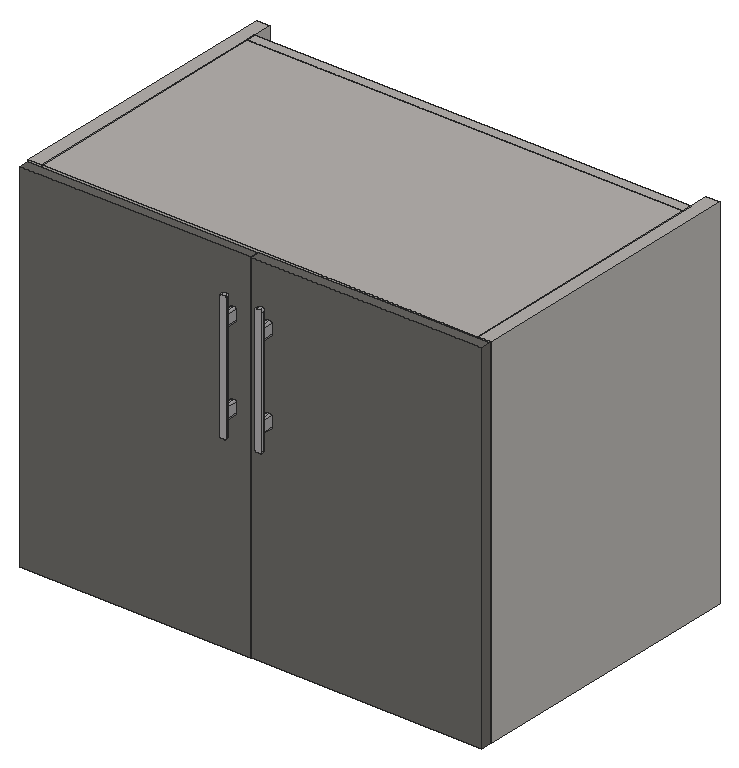
Revit family "Storage-Teknion-CWRM_Teknion_Reception_Modules-R2016", category Furniture, Revit 2018
Family settings
  OmniClass Number = 23.40.20.00
  OmniClass Title = General Furniture and Specialties
  Work Plane-Based = No
  Always vertical = Yes
  Cut with Voids When Loaded = No
  Shared = Yes
  Room Calculation Point = No
Parameters (values of type "Closed Cabinet")
  Width [instance] = 36.000"
  Warranty = "http://www.teknion.com/ca/papers/legal-canada"
  Vertical Dividing Line Hole Depth [instance] = if(Closed Cabinet, 25.930", 0.500")  # 25.930"
  Unit Weight URL = "http://www.teknion.com/ca/tools/assets#&asset=bee6a381-b954-425e-8283-5a2de3a804f2,f828d448-4b62-4231-9e5f-9a8991c0ed77"
  URL = "www.teknion.com"
  Top Drawer Dividing Line Hole Depth = if(Pedestal BBF, 2.593", 0.500")  # 0.500"
  To render, please download texture images found here [instance] = "https://assets.teknion.com/web/5e81352c1dfdb467/revit-material-swatches/"
  Sustainability Data = "https://www.teknion.com/ca/tools/assets#&topic=216f99a5-57a0-44fc-b10a-9dee9b29ae4c&asset=444deb64-fe58-4b68-981e-f75e97781df7,b4ff2d81-9f2e-437d-9659-7cffb09c31cf"
  Series = "Custom Wood"  # constant formula
  Pull Finish [instance] = Paint - Teknion - Mica - Titanium Grey
  Product Page URL = "https://www.teknion.com/ca/products/product-details?productLineId=0d82026f-8e7a-673b-a6c8-ff05004460c4"
  Product Line = "Teknion Reception"  # constant formula
  Product Documentation Link = "https://assets.teknion.com/m/148e0412a085a50e/original/Teknion-Reception-Sell-Sheet.pdf"
  Pedestal BBF = no
  Part Number = "CWRM"  # constant formula
  Open = no
  Not Open = not(Open)  # yes
  Model = "CWRM_C__"
  Manufacturer Phone = "416-661-3370"  # constant formula
  Manufacturer Fax = "416.661.4586"  # constant formula
  Manufacturer Contact Information = "http://www.teknion.com/ca/contactus"
  Manufacturer Address = "1150 Flint Road, Toronto, ON. M3J 2J5. Canada"  # constant formula
  Manufacturer = "Teknion"  # constant formula
  How To Use Teknion Materials User Guide [instance] = "https://assets.teknion.com/m/205dd0a49fa58060/original/How-to-add-a-Material-Library-and-Texture-Images-to-your-Revit-project.pdf"
  Horizontal Handles = or([Box/File], [File/File], Pedestal BBF)  # no
  Horizontal = not(or(Closed Cabinet, Open))  # no
  Height [instance] = 29.000"
  Front Finish [instance] = Wood - Teknion - DZ - Truffle
  For Additional Finishes, please visit [instance] = "https://assets.teknion.com/m/44a8009b046e5d47/original/Teknion_Materials_Library.zip"
  File/File = no
  Description = "Custom Wood Teknion Reception, Storage Modules, Closed Cabinet Configuration"
  Depth [instance] = 24.000"
  Closed Cabinet = yes
  Box/File = no
  Bottom Drawer Height Offset = if([Box/File], 15.642", 13.902")  # 13.902"
  Bottom Drawer Divider Line Hole Depth = if(not(or(Open, Closed Cabinet)), 2.593", 0.500")  # 0.500"
  Base Finish [instance] = Veneer-Teknion-5S-Flintwood-Silverwash
  Available Widths [instance] = if(not(Closed Cabinet), "18 to 36 inches in 6 inch increments", "24, 30, 36 inches.")  # "24, 30, 36 inches."
  Available Heights [instance] = if(or([File/File], Pedestal BBF), "29 inches.", if([Box/File], "22 inches", "22, 29 inches."))  # "22, 29 inches."
  Available Depths [instance] = "20, 24 inches."  # constant formula
  Assembly Code = "E2020200"
  Actual Height [instance] = if(Height = 22.000", 20.961", 27.961")  # 27.961"
  Actual Depth [instance] = if(Depth = 24.000", 23.000", 19.000")  # 23.000"
Types (6): name | Vertical Dividing Line Hole Depth | Top Drawer Dividing Line Hole Depth | Pedestal BBF | Open | Not Open | Model | Horizontal Handles | Horizontal | Height | File/File | Description | Closed Cabinet | Box/File | Bottom Drawer Height Offset | Bottom Drawer Divider Line Hole Depth | Available Widths | Available Heights | Actual Height
  (no name) | 25.930" | 0.500" | no | no | yes | "CWRM_C__" | no | no | 29.000" | no | "Custom Wood Teknion Reception, Storage Modules, Closed Cabinet Configuration" | yes | no | 13.902" | 0.500" | "24, 30, 36 inches." | "22, 29 inches." | 27.961"
  Box/File | 0.500" | 0.500" | no | no | yes | "CWRM22B__" | yes | yes | 22.000" | no | "Custom Wood Teknion Reception, Storage Modules, 22\" Height, Box/File Configuration" | no | yes | 15.642" | 2.593" | "18 to 36 inches in 6 inch increments" | "22 inches" | 20.961"
  File/File | 0.500" | 0.500" | no | no | yes | "CWRM29F__" | yes | yes | 29.000" | yes | "Custom Wood Teknion Reception, Storage Modules, 29\" Height, File/File Configuration" | no | no | 13.902" | 2.593" | "18 to 36 inches in 6 inch increments" | "29 inches." | 27.961"
  Pedestal BBF | 0.500" | 2.593" | yes | no | yes | "CWRM29P__" | yes | yes | 29.000" | no | "Custom Wood Teknion Reception, Storage Modules, 29\" Height, Pedestal BBF Configuration" | no | no | 13.902" | 2.593" | "18 to 36 inches in 6 inch increments" | "29 inches." | 27.961"
  Closed Cabinet | 25.930" | 0.500" | no | no | yes | "CWRM_C__" | no | no | 29.000" | no | "Custom Wood Teknion Reception, Storage Modules, Closed Cabinet Configuration" | yes | no | 13.902" | 0.500" | "24, 30, 36 inches." | "22, 29 inches." | 27.961"
  Open | 0.500" | 0.500" | no | yes | no | "CWRM_O__" | no | no | 29.000" | no | "Custom Wood Teknion Reception, Storage Modules, Open Configuration" | no | no | 13.902" | 0.500" | "18 to 36 inches in 6 inch increments" | "22, 29 inches." | 27.961"
Reference planes (in)
  plane 1 "Center Front/Back": y = -0.64389
  plane 2: z = 0
  plane 3 "Center Left/Right": x = 0.32061
  plane 4 "Left": x = -17.67939
  plane 5 "Right": x = 18.32061
  plane 6 "Back": y = 10.85611
  plane 7 "Front": y = -12.14389
  plane 8 "Top": z = 27.961
  plane 9: x = -16.64002
  plane 10: x = 17.28124
  plane 11: y = 8.6317
  plane 12: y = 9.35611
  plane 13: y = -11.41948
  plane 14: y = -11.30137
  plane 15: y = -10.51791
  plane 16: y = -11.24232
  plane 17: z = 2.49997
  plane 18: z = 3.22438
  plane 19: z = 13.902
  plane 20: z = 13.98074
  plane 21: y = -13.89389
Forms (in)
  Sweep 1, solid, material "Wood - Teknion - DZ - Truffle" <- "Front Finish", visible <- "Not Open"
    path origin (0, -0.64389, 0) x (1, 0, 0) y (0, 0, 1)
      loop
        line (-17.14002, 27.88226) -> (-17.14002, 0)
    profile origin (-17.14002, -0.64389, 13.94113) x (0, -1, 0) y (1, 0, 0)
      loop
        line (11.5, -0.5) -> (11.5, 35.42126) -> (10.77559, 35.42126) -> (10.77559, -0.5) -> (11.5, -0.5)
  Sweep 2, void
    path origin (0, 0, 0) x (1, 0, 0) y (0, 1, 0)
      loop
        line (0.32061, -13.89389) -> (0.32061, -13.39389)
    profile origin (0.32061, -13.64389, 0) x (-1, 0, 0) y (0, 0, 1)
      loop
        line (17.96063, 13.98074) -> (-17.96063, 13.98074) -> (-17.96063, 13.902) -> (17.96063, 13.902) -> (17.96063, 13.98074)
  Sweep 3, solid, material "Paint - Teknion - Mica - Titanium Grey" <- "Pull Finish", visible <- "Horizontal Handles"
    path origin (0, 0, 0) x (1, 0, 0) y (0, 1, 0)
      loop
        line (0.32061, -13.14783) -> (0.32061, -12.85245)
    profile origin (0.32061, -13.00014, 0) x (-1, 0, 0) y (0, 0, 1)
      loop
        line (4.8626, 12.79759) -> (-4.86181, 12.79759)
        arc (-4.86181, 12.79759) -> (-4.95925, 12.75723) -> (-4.99961, 12.6598) r 0.1378
        line (-4.99961, 12.6598) -> (-4.99961, 12.3842)
        arc (-4.99961, 12.3842) -> (-4.95925, 12.28677) -> (-4.86181, 12.24641) r 0.1378
        line (-4.86181, 12.24641) -> (4.8626, 12.24641)
        arc (4.8626, 12.24641) -> (4.96003, 12.28677) -> (5.00039, 12.3842) r 0.1378
        line (5.00039, 12.3842) -> (5.00039, 12.6598)
        arc (5.00039, 12.6598) -> (4.96003, 12.75723) -> (4.8626, 12.79759) r 0.1378
  Sweep 4, void
    path origin (0, 0, 0) x (1, 0, 0) y (0, 1, 0)
      loop
        line (5.32022, -12.85245) -> (-4.67978, -12.85245)
    profile origin (0.32022, -12.85245, 0) x (0, -1, 0) y (0, 0, 1)
      loop
        line (-0.10366, 12.79759) -> (-0.10366, 12.24641) -> (0.15758, 12.24641)
        arc (0.15758, 12.24641) -> (-0.00018, 12.522) -> (0.15758, 12.79759) r 0.31959
        line (0.15758, 12.79759) -> (-0.10366, 12.79759)
  Sweep 5, solid, material "Paint - Teknion - Mica - Titanium Grey" <- "Pull Finish", visible <- "Horizontal Handles"
    path origin (0, 0, 0) x (1, 0, 0) y (0, 1, 0)
      loop
        line (0.32061, -12.14389) -> (0.32061, -12.92463)
    profile origin (0.32061, -12.53426, 0) x (1, 0, 0) y (0, 0, 1)
      loop
        line (-2.83425, 12.72643) -> (-3.62165, 12.72643)
        arc (-3.62165, 12.72643) -> (-3.72375, 12.68359) -> (-3.7647, 12.58071) r 0.14307
        line (-3.7647, 12.58071) -> (-3.7647, 12.46329)
        arc (-3.7647, 12.46329) -> (-3.72375, 12.36041) -> (-3.62165, 12.31757) r 0.14307
        line (-3.62165, 12.31757) -> (-2.83425, 12.31757)
        arc (-2.83425, 12.31757) -> (-2.73215, 12.36041) -> (-2.69121, 12.46329) r 0.14307
        line (-2.69121, 12.46329) -> (-2.69121, 12.58071)
        arc (-2.69121, 12.58071) -> (-2.73215, 12.68359) -> (-2.83425, 12.72643) r 0.14307
      loop
        line (3.62245, 12.72643) -> (2.83505, 12.72643)
        arc (2.83505, 12.72643) -> (2.73295, 12.68359) -> (2.692, 12.58071) r 0.14307
        line (2.692, 12.58071) -> (2.692, 12.46329)
        arc (2.692, 12.46329) -> (2.73295, 12.36041) -> (2.83505, 12.31757) r 0.14307
        line (2.83505, 12.31757) -> (3.62245, 12.31757)
        arc (3.62245, 12.31757) -> (3.72455, 12.36041) -> (3.7655, 12.46329) r 0.14307
        line (3.7655, 12.46329) -> (3.7655, 12.58071)
        arc (3.7655, 12.58071) -> (3.72455, 12.68359) -> (3.62245, 12.72643) r 0.14307
  Sweep 6, solid, material "Paint - Teknion - Mica - Titanium Grey" <- "Pull Finish", visible <- "Horizontal Handles"
    path origin (0, 0, 0) x (1, 0, 0) y (0, 1, 0)
      loop
        line (0.32061, -13.14783) -> (0.32061, -12.85245)
    profile origin (0.32061, -13.00014, 0) x (-1, 0, 0) y (0, 0, 1)
      loop
        line (4.8626, 26.77745) -> (-4.86181, 26.77745)
        arc (-4.86181, 26.77745) -> (-4.95925, 26.73709) -> (-4.99961, 26.63966) r 0.1378
        line (-4.99961, 26.63966) -> (-4.99961, 26.36406)
        arc (-4.99961, 26.36406) -> (-4.95925, 26.26663) -> (-4.86181, 26.22627) r 0.1378
        line (-4.86181, 26.22627) -> (4.8626, 26.22627)
        arc (4.8626, 26.22627) -> (4.96003, 26.26663) -> (5.00039, 26.36406) r 0.1378
        line (5.00039, 26.36406) -> (5.00039, 26.63966)
        arc (5.00039, 26.63966) -> (4.96003, 26.73709) -> (4.8626, 26.77745) r 0.1378
  Sweep 7, solid, material "Paint - Teknion - Mica - Titanium Grey" <- "Pull Finish", visible <- "Horizontal Handles"
    path origin (0, 0, 0) x (1, 0, 0) y (0, 1, 0)
      loop
        line (0.32061, -12.92463) -> (0.32061, -12.14389)
    profile origin (0.32061, -12.53426, 0) x (-1, 0, 0) y (0, 0, 1)
      loop
        arc (2.83425, 26.70629) -> (2.73215, 26.66345) -> (2.69121, 26.56057) r 0.14307
        line (2.69121, 26.56057) -> (2.69121, 26.44315)
        arc (2.69121, 26.44315) -> (2.73215, 26.34027) -> (2.83425, 26.29743) r 0.14307
        line (2.83425, 26.29743) -> (3.62165, 26.29743)
        arc (3.62165, 26.29743) -> (3.72375, 26.34027) -> (3.7647, 26.44315) r 0.14307
        line (3.7647, 26.44315) -> (3.7647, 26.56057)
        arc (3.7647, 26.56057) -> (3.72375, 26.66345) -> (3.62165, 26.70629) r 0.14307
        line (3.62165, 26.70629) -> (2.83425, 26.70629)
      loop
        arc (-3.62245, 26.70629) -> (-3.72455, 26.66345) -> (-3.7655, 26.56057) r 0.14307
        line (-3.7655, 26.56057) -> (-3.7655, 26.44315)
        arc (-3.7655, 26.44315) -> (-3.72455, 26.34027) -> (-3.62245, 26.29743) r 0.14307
        line (-3.62245, 26.29743) -> (-2.83505, 26.29743)
        arc (-2.83505, 26.29743) -> (-2.73295, 26.34027) -> (-2.692, 26.44315) r 0.14307
        line (-2.692, 26.44315) -> (-2.692, 26.56057)
        arc (-2.692, 26.56057) -> (-2.73295, 26.66345) -> (-2.83505, 26.70629) r 0.14307
        line (-2.83505, 26.70629) -> (-3.62245, 26.70629)
  Sweep 8, void
    path origin (0, 0, 0) x (1, 0, 0) y (0, 1, 0)
      loop
        line (-4.67978, -12.85245) -> (5.32022, -12.85245)
    profile origin (0.32022, -12.85245, 0) x (0, 1, 0) y (0, 0, 1)
      loop
        line (0.10366, 26.77745) -> (-0.15758, 26.77745)
        arc (-0.15758, 26.77745) -> (0.00018, 26.50186) -> (-0.15758, 26.22627) r 0.31959
        line (-0.15758, 26.22627) -> (0.10366, 26.22627) -> (0.10366, 26.77745)
  Sweep 9, void
    path origin (0, 0, 0) x (1, 0, 0) y (0, 1, 0)
      loop
        line (0.32061, -13.89389) -> (0.32061, -13.39389)
    profile origin (0.32061, -13.64389, 0) x (-1, 0, 0) y (0, 0, 1)
      loop
        line (18, 20.97044) -> (-18, 20.97044) -> (-18, 20.8917) -> (18, 20.8917) -> (18, 20.97044)
  Sweep 10, solid, material "Paint - Teknion - Mica - Titanium Grey" <- "Pull Finish", visible <- "Pedestal BBF"
    path origin (0, 0, 0) x (1, 0, 0) y (0, 1, 0)
      loop
        line (0.32061, -13.14783) -> (0.32061, -12.85245)
    profile origin (0.32061, -13.00014, 0) x (-1, 0, 0) y (0, 0, 1)
      loop
        line (4.8626, 19.78775) -> (-4.86181, 19.78775)
        arc (-4.86181, 19.78775) -> (-4.95925, 19.74739) -> (-4.99961, 19.64995) r 0.1378
        line (-4.99961, 19.64995) -> (-4.99961, 19.37436)
        arc (-4.99961, 19.37436) -> (-4.95925, 19.27693) -> (-4.86181, 19.23657) r 0.1378
        line (-4.86181, 19.23657) -> (4.8626, 19.23657)
        arc (4.8626, 19.23657) -> (4.96003, 19.27693) -> (5.00039, 19.37436) r 0.1378
        line (5.00039, 19.37436) -> (5.00039, 19.64995)
        arc (5.00039, 19.64995) -> (4.96003, 19.74739) -> (4.8626, 19.78775) r 0.1378
  Sweep 11, void
    path origin (0, 0, 0) x (1, 0, 0) y (0, 1, 0)
      loop
        line (-4.67978, -12.85245) -> (5.32022, -12.85245)
    profile origin (0.32022, -12.85245, 0) x (0, 1, 0) y (0, 0, 1)
      loop
        line (0.10366, 19.78775) -> (-0.15758, 19.78775)
        arc (-0.15758, 19.78775) -> (0.00018, 19.51216) -> (-0.15758, 19.23657) r 0.31959
        line (-0.15758, 19.23657) -> (0.10366, 19.23657) -> (0.10366, 19.78775)
  Sweep 12, solid, material "Paint - Teknion - Mica - Titanium Grey" <- "Pull Finish", visible <- "Pedestal BBF"
    path origin (0, 0, 0) x (1, 0, 0) y (0, 1, 0)
      loop
        line (0.32061, -12.92463) -> (0.32061, -12.14389)
    profile origin (0.32061, -12.53426, 0) x (-1, 0, 0) y (0, 0, 1)
      loop
        arc (2.83425, 19.71659) -> (2.73215, 19.67374) -> (2.69121, 19.57087) r 0.14307
        line (2.69121, 19.57087) -> (2.69121, 19.45344)
        arc (2.69121, 19.45344) -> (2.73215, 19.35057) -> (2.83425, 19.30773) r 0.14307
        line (2.83425, 19.30773) -> (3.62165, 19.30773)
        arc (3.62165, 19.30773) -> (3.72375, 19.35057) -> (3.7647, 19.45344) r 0.14307
        line (3.7647, 19.45344) -> (3.7647, 19.57087)
        arc (3.7647, 19.57087) -> (3.72375, 19.67374) -> (3.62165, 19.71659) r 0.14307
        line (3.62165, 19.71659) -> (2.83425, 19.71659)
      loop
        arc (-3.62245, 19.71659) -> (-3.72455, 19.67374) -> (-3.7655, 19.57087) r 0.14307
        line (-3.7655, 19.57087) -> (-3.7655, 19.45344)
        arc (-3.7655, 19.45344) -> (-3.72455, 19.35057) -> (-3.62245, 19.30773) r 0.14307
        line (-3.62245, 19.30773) -> (-2.83505, 19.30773)
        arc (-2.83505, 19.30773) -> (-2.73295, 19.35057) -> (-2.692, 19.45344) r 0.14307
        line (-2.692, 19.45344) -> (-2.692, 19.57087)
        arc (-2.692, 19.57087) -> (-2.73295, 19.67374) -> (-2.83505, 19.71659) r 0.14307
        line (-2.83505, 19.71659) -> (-3.62245, 19.71659)
  Sweep 13, void
    path origin (0, 0, 0) x (1, 0, 0) y (0, 1, 0)
      loop
        line (0.32061, -13.89389) -> (0.32061, 12.03611)
    profile origin (0.32061, -0.92889, 0) x (-1, 0, 0) y (0, 0, 1)
      loop
        line (0.03937, 27.9606) -> (-0.03937, 27.9606) -> (-0.03937, 0) -> (0.03937, 0) -> (0.03937, 27.9606)
  Sweep 14, solid, material "Paint - Teknion - Mica - Titanium Grey" <- "Pull Finish", visible <- "Closed Cabinet"
    path origin (0, 0, 0) x (1, 0, 0) y (0, 1, 0)
      loop
        line (0.32061, -13.14783) -> (0.32061, -12.85245)
    profile origin (0.32061, -13.00014, 0) x (-1, 0, 0) y (0, 0, 1)
      loop
        line (1.65559, 15.34005) -> (1.65559, 25.06446)
        arc (1.65559, 25.06446) -> (1.61523, 25.16189) -> (1.5178, 25.20225) r 0.1378
        line (1.5178, 25.20225) -> (1.2422, 25.20225)
        arc (1.2422, 25.20225) -> (1.14477, 25.16189) -> (1.10441, 25.06446) r 0.1378
        line (1.10441, 25.06446) -> (1.10441, 15.34005)
        arc (1.10441, 15.34005) -> (1.14477, 15.24261) -> (1.2422, 15.20225) r 0.1378
        line (1.2422, 15.20225) -> (1.5178, 15.20225)
        arc (1.5178, 15.20225) -> (1.61523, 15.24261) -> (1.65559, 15.34005) r 0.1378
      loop
        arc (-1.65559, 15.34005) -> (-1.61523, 15.24261) -> (-1.5178, 15.20225) r 0.1378
        line (-1.5178, 15.20225) -> (-1.2422, 15.20225)
        arc (-1.2422, 15.20225) -> (-1.14477, 15.24261) -> (-1.10441, 15.34005) r 0.1378
        line (-1.10441, 15.34005) -> (-1.10441, 25.06446)
        arc (-1.10441, 25.06446) -> (-1.14477, 25.16189) -> (-1.2422, 25.20225) r 0.1378
        line (-1.2422, 25.20225) -> (-1.5178, 25.20225)
        arc (-1.5178, 25.20225) -> (-1.61523, 25.16189) -> (-1.65559, 25.06446) r 0.1378
        line (-1.65559, 25.06446) -> (-1.65559, 15.34005)
  Sweep 15, solid, material "Paint - Teknion - Mica - Titanium Grey" <- "Pull Finish", visible <- "Closed Cabinet"
    path origin (0, 0, 0) x (1, 0, 0) y (0, 1, 0)
      loop
        line (0.32061, -12.92463) -> (0.32061, -12.14389)
    profile origin (0.32061, -12.53426, 0) x (-1, 0, 0) y (0, 0, 1)
      loop
        arc (1.17557, 23.0369) -> (1.21841, 22.9348) -> (1.32129, 22.89385) r 0.14307
        line (1.32129, 22.89385) -> (1.43871, 22.89385)
        arc (1.43871, 22.89385) -> (1.54159, 22.9348) -> (1.58443, 23.0369) r 0.14307
        line (1.58443, 23.0369) -> (1.58443, 23.8243)
        arc (1.58443, 23.8243) -> (1.54159, 23.9264) -> (1.43871, 23.96735) r 0.14307
        line (1.43871, 23.96735) -> (1.32129, 23.96735)
        arc (1.32129, 23.96735) -> (1.21841, 23.9264) -> (1.17557, 23.8243) r 0.14307
        line (1.17557, 23.8243) -> (1.17557, 23.0369)
      loop
        arc (1.17557, 16.5802) -> (1.21841, 16.4781) -> (1.32129, 16.43715) r 0.14307
        line (1.32129, 16.43715) -> (1.43871, 16.43715)
        arc (1.43871, 16.43715) -> (1.54159, 16.4781) -> (1.58443, 16.5802) r 0.14307
        line (1.58443, 16.5802) -> (1.58443, 17.3676)
        arc (1.58443, 17.3676) -> (1.54159, 17.4697) -> (1.43871, 17.51065) r 0.14307
        line (1.43871, 17.51065) -> (1.32129, 17.51065)
        arc (1.32129, 17.51065) -> (1.21841, 17.4697) -> (1.17557, 17.3676) r 0.14307
        line (1.17557, 17.3676) -> (1.17557, 16.5802)
      loop
        line (-1.17557, 23.0369) -> (-1.17557, 23.8243)
        arc (-1.17557, 23.8243) -> (-1.21841, 23.9264) -> (-1.32129, 23.96735) r 0.14307
        line (-1.32129, 23.96735) -> (-1.43871, 23.96735)
        arc (-1.43871, 23.96735) -> (-1.54159, 23.9264) -> (-1.58443, 23.8243) r 0.14307
        line (-1.58443, 23.8243) -> (-1.58443, 23.0369)
        arc (-1.58443, 23.0369) -> (-1.54159, 22.9348) -> (-1.43871, 22.89385) r 0.14307
        line (-1.43871, 22.89385) -> (-1.32129, 22.89385)
        arc (-1.32129, 22.89385) -> (-1.21841, 22.9348) -> (-1.17557, 23.0369) r 0.14307
      loop
        line (-1.17557, 16.5802) -> (-1.17557, 17.3676)
        arc (-1.17557, 17.3676) -> (-1.21841, 17.4697) -> (-1.32129, 17.51065) r 0.14307
        line (-1.32129, 17.51065) -> (-1.43871, 17.51065)
        arc (-1.43871, 17.51065) -> (-1.54159, 17.4697) -> (-1.58443, 17.3676) r 0.14307
        line (-1.58443, 17.3676) -> (-1.58443, 16.5802)
        arc (-1.58443, 16.5802) -> (-1.54159, 16.4781) -> (-1.43871, 16.43715) r 0.14307
        line (-1.43871, 16.43715) -> (-1.32129, 16.43715)
        arc (-1.32129, 16.43715) -> (-1.21841, 16.4781) -> (-1.17557, 16.5802) r 0.14307
  Sweep 16, void
    path origin (0, -0.64389, 0) x (1, 0, 0) y (0, 0, 1)
      loop
        line (0.32061, 15.20225) -> (0.32061, 25.20225)
    profile origin (0.32061, -0.64389, 20.20225) x (-1, 0, 0) y (0, -1, 0)
      loop
        line (1.10441, 12.10508) -> (1.65559, 12.10508) -> (1.65559, 12.36632)
        arc (1.65559, 12.36632) -> (1.38, 12.20856) -> (1.10441, 12.36632) r 0.31959
        line (1.10441, 12.36632) -> (1.10441, 12.10508)
      loop
        line (-1.10441, 12.10508) -> (-1.10441, 12.36632)
        arc (-1.10441, 12.36632) -> (-1.38, 12.20856) -> (-1.65559, 12.36632) r 0.31959
        line (-1.65559, 12.36632) -> (-1.65559, 12.10508) -> (-1.10441, 12.10508)
  Sweep 17, solid, material "Veneer-Teknion-5S-Flintwood-Silverwash" <- "Base Finish"
    path origin (0, -0.64389, 0) x (1, 0, 0) y (0, 0, 1)
      loop
        line (0.32061, 0) -> (0.32061, 27.961)
    profile origin (0.32061, -0.64389, 13.9805) x (-1, 0, 0) y (0, -1, 0)
      loop
        line (18, -11.5) -> (18, 10.65748) -> (16.96063, 10.65748) -> (16.96063, -11.5) -> (18, -11.5)
      loop
        line (-16.96063, -11.5) -> (-16.96063, 10.65748) -> (-18, 10.65748) -> (-18, -11.5) -> (-16.96063, -11.5)
  Sweep 18, solid, material "Veneer-Teknion-5S-Flintwood-Silverwash" <- "Base Finish"
    path origin (0, 0, 0) x (1, 0, 0) y (0, 1, 0)
      loop
        line (-16.64002, -0.64389) -> (17.28124, -0.64389)
    profile origin (0.32061, -0.64389, 0) x (0, 1, 0) y (0, 0, 1)
      loop
        line (9.27559, 27.961) -> (-10.65748, 27.961) -> (-10.65748, 27.23619) -> (9.27559, 27.23619) -> (9.27559, 27.961)
      loop
        line (9.27559, 3.22438) -> (-10.65748, 3.22438) -> (-10.65748, 2.49997) -> (-10.59843, 2.49997) -> (-10.59843, 0) -> (-9.87402, 0) -> (-9.87402, 2.49997) -> (9.27559, 2.49997) -> (9.27559, 3.22438)
  Sweep 19, solid, material "Veneer-Teknion-5S-Flintwood-Silverwash" <- "Base Finish"
    path origin (0, -0.64389, 0) x (1, 0, 0) y (0, 0, 1)
      loop
        line (0.32061, 0) -> (0.32061, 27.961)
    profile origin (0.32061, -0.64389, 13.9805) x (-1, 0, 0) y (0, -1, 0)
      loop
        line (16.96063, -10) -> (16.96063, -9.27559) -> (-16.96063, -9.27559) -> (-16.96063, -10) -> (16.96063, -10)
  Sweep 20, solid, material "Veneer-Teknion-5S-Flintwood-Silverwash" <- "Base Finish", visible <- "Open"
    path origin (0, -0.64389, 0) x (1, 0, 0) y (0, 0, 1)
      loop
        line (0.32061, 13.25) -> (0.32061, 13.98074)
    profile origin (0.32061, -0.64389, 13.61537) x (-1, 0, 0) y (0, -1, 0)
      loop
        line (16.96063, -9.27559) -> (16.96063, 10.26378) -> (-16.96063, 10.26378) -> (-16.96063, -9.27559) -> (16.96063, -9.27559)
Cuts and joins
  Sweep 2, Sweep 9, Sweep 13 cuts Sweep 1
  Sweep 4 cuts Sweep 3
  Sweep 8 cuts Sweep 6
  Sweep 11 cuts Sweep 10
  Sweep 16 cuts Sweep 14
Lines and regions (in)
  Masking region 1
    outline origin (0, 0, 0) x (1, 0, 0) y (0, 1, 0)
      loop
        line (-17.67939, 10.85611) -> (-17.67939, -11.30137) -> (-16.64002, -11.30137) -> (-16.64002, 10.85611) -> (-17.67939, 10.85611)
      loop
        line (17.28124, 10.85611) -> (17.28124, -11.30137) -> (18.32061, -11.30137) -> (18.32061, 10.85611) -> (17.28124, 10.85611)
  Masking region 2, visible <- "Horizontal"
    outline origin (0, 0, 0) x (1, 0, 0) y (0, 1, 0)
      loop
        line (-17.64002, -11.41948) -> (-17.64002, -12.14389) -> (18.28124, -12.14389) -> (18.28124, -11.41948) -> (-17.64002, -11.41948)
  Masking region 3, visible <- "Closed Cabinet"
    outline origin (0, 0, 0) x (1, 0, 0) y (0, 1, 0)
      loop
        line (-17.64002, -11.41948) -> (-17.64002, -12.14389) -> (0.28124, -12.14389) -> (0.28124, -11.41948) -> (-17.64002, -11.41948)
      loop
        line (18.28124, -11.41948) -> (0.35998, -11.41948) -> (0.35998, -12.14389) -> (18.28124, -12.14389) -> (18.28124, -11.41948)
  Masking region 4, visible <- "Horizontal Handles"
    outline origin (0, 0, 0) x (1, 0, 0) y (0, 1, 0)
      loop
        line (-3.44409, -12.14389) -> (-3.44409, -12.85245) -> (-2.3706, -12.85245) -> (-2.3706, -12.14389) -> (-3.44409, -12.14389)
      loop
        line (4.08531, -12.14389) -> (3.01181, -12.14389) -> (3.01181, -12.85245) -> (4.08531, -12.85245) -> (4.08531, -12.14389)
  Masking region 5, visible <- "Horizontal Handles"
    outline origin (0, 0, 0) x (1, 0, 0) y (0, 1, 0)
      loop
        line (-4.67978, -12.85245) -> (-4.67978, -13.14783) -> (5.32022, -13.14783) -> (5.32022, -12.85245) -> (-4.67978, -12.85245)
  Masking region 6, visible <- "Closed Cabinet"
    outline origin (0, 0, 0) x (1, 0, 0) y (0, 1, 0)
      loop
        line (-1.26382, -12.14389) -> (-1.26382, -12.92463) -> (-0.85496, -12.92463) -> (-0.85496, -12.14389) -> (-1.26382, -12.14389)
      loop
        line (1.49618, -12.14389) -> (1.49618, -12.92463) -> (1.90504, -12.92463) -> (1.90504, -12.14389) -> (1.49618, -12.14389)
  Masking region 7, visible <- "Closed Cabinet"
    outline origin (0, 0, 0) x (1, 0, 0) y (0, 1, 0)
      loop
        arc (-0.7838, -13.01021) -> (-1.05939, -12.85245) -> (-1.33498, -13.01021) r 0.31959
        line (-1.33498, -13.01021) -> (-1.33498, -13.14783) -> (-0.7838, -13.14783) -> (-0.7838, -13.01021)
      loop
        line (1.42502, -13.01021) -> (1.42502, -13.14783) -> (1.9762, -13.14783) -> (1.9762, -13.01021)
        arc (1.9762, -13.01021) -> (1.70061, -12.85245) -> (1.42502, -13.01021) r 0.31959
  Masking region 8
    outline origin (0, 0, 0) x (1, 0, 0) y (0, 1, 0)
      loop
        line (-16.64002, 9.35611) -> (-16.64002, 8.6317) -> (17.28124, 8.6317) -> (17.28124, 9.35611) -> (-16.64002, 9.35611)
  Masking region 9
    outline origin (0, 0, 0) x (1, 0, 0) y (0, 1, 0)
      loop
        line (-16.64002, 8.6317) -> (-16.64002, -11.30137) -> (17.28124, -11.30137) -> (17.28124, 8.6317) -> (-16.64002, 8.6317)
  symbolic lines, style "FurnitureHiddenLines", detail levels medium+fine
    curve 1: line (17.28124, -10.51791, 0) -> (-16.64002, -10.51791, 0)
    curve 2: line (-16.64002, -11.24232, 0) -> (17.28124, -11.24232, 0)
  symbolic lines, style "FurnitureHiddenLines", visible <- "Open", detail levels medium+fine
    curve 3: line (-16.64002, -10.90767, 0) -> (17.28124, -10.90767, 0)
  reference lines
    curve 4: line (-17.67939, 10.85611, 0) -> (-17.67939, -12.14389, 0)
    curve 5: line (-17.67939, 10.85611, 0) -> (18.32061, 10.85611, 0)
    curve 6: line (18.32061, 10.85611, 0) -> (18.32061, -12.14389, 0)
    curve 7: line (-17.67939, -12.14389, 0) -> (18.32061, -12.14389, 0)
Dimensions and locks (in)
  "Width": plane 4 "Left" to plane 5 "Right"
  "Actual Depth": plane 6 "Back" to plane 7 "Front"
  "Actual Height": plane 8 "Top" to level
  equal spacing: plane 4 "Left", plane 3 "Center Left/Right", plane 5 "Right"
  equal spacing: plane 6 "Back", plane 1 "Center Front/Back", plane 7 "Front"
  plane 11 to plane 12 to plane 6 "Back" = 0.72441" locked, 1.500" locked
  locked: plane 4 "Left" to plane 9 at 1.03937
  locked: plane 10 to plane 5 "Right" at 1.03937
  plane 15 to plane 16 to plane 14 to plane 13 to plane 7 "Front" = 0.72441" locked, 0.05906" locked, 0.11811" locked, 0.72441" locked
  plane 18 to plane 17 to plane 2 = 0.72441" locked, 2.49997" locked
  locked: plane 20 to plane 19 at 0.07874
  "Bottom Drawer Height Offset": plane 19 to level
  locked: plane 8 "Top" to Sweep 1 sketch curve at 0.07874
  locked: plane 4 "Left" to Sweep 1 sketch curve at 0.03937
  locked: Sweep 1 sketch curve to plane 5 "Right" at 0.03937
  locked: plane 21 to plane 7 "Front" at 1.75
  "Bottom Drawer Divider Line Hole Depth": Sweep 2 sketch curve to plane 21
  locked: Sweep 2 sketch curve to plane 4 "Left" at 0.03937
  locked: Sweep 2 sketch curve to plane 5 "Right" at 0.03937
  Sweep 3 sketch curve to Sweep 3 sketch curve to plane 7 "Front" = 0.29538" locked, 0.70856" locked
  Sweep 3 sketch curve to Sweep 3 sketch curve to Sweep 3 sketch curve to plane 3 "Center Left/Right" to Sweep 3 sketch curve to Sweep 3 sketch curve to Sweep 3 sketch curve = 0.1378" locked, 0.000" locked, 4.86181" locked, 4.8626" locked, 0.000" locked, 0.1378" locked
  plane 19 to Sweep 3 sketch curve to Sweep 3 sketch curve = 1.10441" locked, 0.55118" locked
  Sweep 4 sketch curve to plane 3 "Center Left/Right" to Sweep 4 sketch curve = 5.00039" locked, 4.99961" locked
  plane 19 to Sweep 4 sketch curve to Sweep 4 sketch curve to Sweep 4 sketch curve = 1.10441" locked, 0.27559" locked, 0.27559" locked
  plane 7 "Front" to Sweep 4 sketch curve to Sweep 4 sketch curve = 0.6049" locked, 0.42308" locked
  locked: Sweep 5 sketch curve to plane 7 "Front" at 0.78074
  Sweep 5 sketch curve to Sweep 5 sketch curve to Sweep 5 sketch curve to Sweep 5 sketch curve to Sweep 5 sketch curve to Sweep 5 sketch curve to plane 3 "Center Left/Right" to Sweep 5 sketch curve to Sweep 5 sketch curve to Sweep 5 sketch curve to Sweep 5 sketch curve to Sweep 5 sketch curve to Sweep 5 sketch curve = 0.14305" locked, 0.000" locked, 0.7874" locked, 0.000" locked, 0.14305" locked, 2.692" locked, 2.69121" locked, 0.14305" locked, 0.000" locked, 0.7874" locked, 0.000" locked, 0.14305" locked
  plane 19 to Sweep 5 sketch curve to Sweep 5 sketch curve to Sweep 5 sketch curve to Sweep 5 sketch curve to Sweep 5 sketch curve to Sweep 5 sketch curve to Sweep 5 sketch curve to Sweep 5 sketch curve to Sweep 5 sketch curve to Sweep 5 sketch curve to Sweep 5 sketch curve to Sweep 5 sketch curve = 1.17557" locked, 0.000" locked, 0.14307" locked, 0.000" locked, 0.000" locked, 0.000" locked, 0.12272" locked, 0.000" locked, 0.000" locked, 0.000" locked, 0.14307" locked, 0.000" locked
  Sweep 6 sketch curve to Sweep 6 sketch curve to plane 21 = 0.29538" locked, 0.74606" locked
  Sweep 6 sketch curve to Sweep 6 sketch curve to Sweep 6 sketch curve to plane 3 "Center Left/Right" to Sweep 6 sketch curve to Sweep 6 sketch curve to Sweep 6 sketch curve = 0.1378" locked, 0.000" locked, 4.86181" locked, 4.8626" locked, 0.000" locked, 0.1378" locked
  plane 8 "Top" to Sweep 6 sketch curve to Sweep 6 sketch curve = 1.18355" locked, 0.55118" locked
  locked: Sweep 7 sketch curve to plane 7 "Front" at 0.78074
  Sweep 7 sketch curve to Sweep 7 sketch curve to Sweep 7 sketch curve to Sweep 7 sketch curve to Sweep 7 sketch curve to Sweep 7 sketch curve to plane 3 "Center Left/Right" to Sweep 7 sketch curve to Sweep 7 sketch curve to Sweep 7 sketch curve to Sweep 7 sketch curve to Sweep 7 sketch curve to Sweep 7 sketch curve = 0.14305" locked, 0.000" locked, 0.7874" locked, 0.000" locked, 0.14305" locked, 2.692" locked, 2.69121" locked, 0.14305" locked, 0.000" locked, 0.7874" locked, 0.000" locked, 0.14305" locked
  plane 8 "Top" to Sweep 7 sketch curve to Sweep 7 sketch curve to Sweep 7 sketch curve to Sweep 7 sketch curve to Sweep 7 sketch curve to Sweep 7 sketch curve to Sweep 7 sketch curve to Sweep 7 sketch curve to Sweep 7 sketch curve to Sweep 7 sketch curve to Sweep 7 sketch curve to Sweep 7 sketch curve = 1.25471" locked, 0.000" locked, 0.14307" locked, 0.000" locked, 0.000" locked, 0.000" locked, 0.12272" locked, 0.000" locked, 0.000" locked, 0.000" locked, 0.14307" locked, 0.000" locked
  Sweep 8 sketch curve to plane 3 "Center Left/Right" to Sweep 8 sketch curve = 5.00039" locked, 4.99961" locked
  plane 8 "Top" to Sweep 8 sketch curve to Sweep 8 sketch curve to Sweep 8 sketch curve = 1.18355" locked, 0.27559" locked, 0.27559" locked
  Sweep 8 sketch curve to Sweep 8 sketch curve to plane 21 = 0.42308" locked, 0.72202" locked
  "Top Drawer Dividing Line Hole Depth": Sweep 9 sketch curve to plane 21
  Sweep 9 sketch curve to Sweep 9 sketch curve to level = 0.07874" locked, 20.8917" locked
  Sweep 10 sketch curve to Sweep 10 sketch curve to plane 21 = 0.29538" locked, 0.74606" locked
  Sweep 10 sketch curve to Sweep 10 sketch curve to Sweep 10 sketch curve to plane 3 "Center Left/Right" to Sweep 10 sketch curve to Sweep 10 sketch curve to Sweep 10 sketch curve = 0.1378" locked, 0.000" locked, 4.86181" locked, 4.8626" locked, 0.000" locked, 0.1378" locked
  Sweep 10 sketch curve to Sweep 10 sketch curve to level = 0.55118" locked, 19.23657" locked
  Sweep 11 sketch curve to plane 3 "Center Left/Right" to Sweep 11 sketch curve = 5.00039" locked, 4.99961" locked
  Sweep 11 sketch curve to Sweep 11 sketch curve to Sweep 11 sketch curve to level = 0.27559" locked, 0.27559" locked, 19.23657" locked
  Sweep 11 sketch curve to Sweep 11 sketch curve to plane 21 = 0.42308" locked, 0.72202" locked
  locked: Sweep 12 sketch curve to plane 7 "Front" at 0.78074
  Sweep 12 sketch curve to Sweep 12 sketch curve to Sweep 12 sketch curve to Sweep 12 sketch curve to Sweep 12 sketch curve to Sweep 12 sketch curve to plane 3 "Center Left/Right" to Sweep 12 sketch curve to Sweep 12 sketch curve to Sweep 12 sketch curve to Sweep 12 sketch curve to Sweep 12 sketch curve to Sweep 12 sketch curve = 0.14305" locked, 0.000" locked, 0.7874" locked, 0.000" locked, 0.14305" locked, 2.692" locked, 2.69121" locked, 0.14305" locked, 0.000" locked, 0.7874" locked, 0.000" locked, 0.14305" locked
  Sweep 12 sketch curve to Sweep 12 sketch curve to Sweep 12 sketch curve to Sweep 12 sketch curve to Sweep 12 sketch curve to Sweep 12 sketch curve to Sweep 12 sketch curve to Sweep 12 sketch curve to Sweep 12 sketch curve to Sweep 12 sketch curve to Sweep 12 sketch curve to Sweep 12 sketch curve to level = 0.000" locked, 0.14307" locked, 0.000" locked, 0.000" locked, 0.000" locked, 0.12272" locked, 0.000" locked, 0.000" locked, 0.000" locked, 0.14307" locked, 0.000" locked, 19.30773" locked
  "Vertical Dividing Line Hole Depth": Sweep 13 sketch curve to plane 21
  Sweep 13 sketch curve to plane 3 "Center Left/Right" to Sweep 13 sketch curve = 0.03937" locked, 0.03937" locked
  locked: Sweep 13 sketch curve to level at 27.9606
  Sweep 14 sketch curve to Sweep 14 sketch curve to plane 21 = 0.29538" locked, 0.74606" locked
  plane 8 "Top" to Sweep 14 sketch curve to Sweep 14 sketch curve to Sweep 14 sketch curve to Sweep 14 sketch curve to Sweep 14 sketch curve to Sweep 14 sketch curve to Sweep 14 sketch curve to Sweep 14 sketch curve to Sweep 14 sketch curve to Sweep 14 sketch curve to Sweep 14 sketch curve to Sweep 14 sketch curve = 2.75875" locked, 0.000" locked, 0.1378" locked, 0.000" locked, 0.000" locked, 0.000" locked, 9.72441" locked, 0.000" locked, 0.000" locked, 0.000" locked, 0.1378" locked, 0.000" locked
  Sweep 14 sketch curve to Sweep 14 sketch curve to Sweep 14 sketch curve to Sweep 14 sketch curve to Sweep 14 sketch curve to Sweep 14 sketch curve to plane 3 "Center Left/Right" to Sweep 14 sketch curve to Sweep 14 sketch curve to Sweep 14 sketch curve to Sweep 14 sketch curve to Sweep 14 sketch curve to Sweep 14 sketch curve = 0.1378" locked, 0.000" locked, 0.27559" locked, 0.000" locked, 0.1378" locked, 1.10441" locked, 1.10441" locked, 0.1378" locked, 0.000" locked, 0.27559" locked, 0.000" locked, 0.1378" locked
  locked: Sweep 15 sketch curve to plane 7 "Front" at 0.78074
  Sweep 15 sketch curve to Sweep 15 sketch curve to Sweep 15 sketch curve to Sweep 15 sketch curve to Sweep 15 sketch curve to Sweep 15 sketch curve to Sweep 15 sketch curve to Sweep 15 sketch curve to Sweep 15 sketch curve to Sweep 15 sketch curve to Sweep 15 sketch curve to Sweep 15 sketch curve to plane 8 "Top" = 0.14305" locked, 0.000" locked, 0.7874" locked, 0.000" locked, 0.14305" locked, 5.38321" locked, 0.14305" locked, 0.000" locked, 0.7874" locked, 0.000" locked, 0.14305" locked, 3.99365" locked  (x2)
  plane 3 "Center Left/Right" to Sweep 15 sketch curve to Sweep 15 sketch curve to Sweep 15 sketch curve to Sweep 15 sketch curve to Sweep 15 sketch curve to Sweep 15 sketch curve to Sweep 15 sketch curve to Sweep 15 sketch curve to Sweep 15 sketch curve to Sweep 15 sketch curve to Sweep 15 sketch curve to Sweep 15 sketch curve = 1.17557" locked, 0.000" locked, 0.14307" locked, 0.000" locked, 0.000" locked, 0.000" locked, 0.12272" locked, 0.000" locked, 0.000" locked, 0.000" locked, 0.14307" locked, 0.000" locked  (x2)
  plane 8 "Top" to Sweep 16 sketch curve to Sweep 16 sketch curve = 2.75875" locked, 10.000" locked
  plane 3 "Center Left/Right" to Sweep 16 sketch curve to Sweep 16 sketch curve to Sweep 16 sketch curve = 1.10441" locked, 0.27559" locked, 0.27559" locked  (x2)
  Sweep 16 sketch curve to Sweep 16 sketch curve to plane 21 = 0.42308" locked, 0.72184" locked  (x2)
  locked: plane 8 "Top" to Sweep 18 sketch curve at 0.72481
  Sweep 20 sketch curve to Sweep 20 sketch curve to level = 0.73074" locked, 13.250" locked
  locked: plane 15 to Sweep 20 sketch curve at 0.38976
  locked: Masking region 2 sketch curve to plane 5 "Right" at 0.03937
  locked: plane 4 "Left" to Masking region 2 sketch curve at 0.03937
  locked: plane 4 "Left" to Masking region 3 sketch curve at 0.03937
  Masking region 3 sketch curve to plane 3 "Center Left/Right" to Masking region 3 sketch curve = 0.03937" locked, 0.03937" locked
  locked: Masking region 3 sketch curve to plane 5 "Right" at 0.03937
  Masking region 4 sketch curve to Masking region 4 sketch curve to plane 3 "Center Left/Right" to Masking region 4 sketch curve to Masking region 4 sketch curve = 1.07349" locked, 2.69121" locked, 2.69121" locked, 1.07349" locked
  Masking region 4 sketch curve to Masking region 4 sketch curve to plane 7 "Front" = 0.000" locked, 0.70856" locked
  Masking region 5 sketch curve to plane 3 "Center Left/Right" to Masking region 5 sketch curve = 5.00039" locked, 4.99961" locked
  Masking region 5 sketch curve to Masking region 5 sketch curve to plane 7 "Front" = 0.29538" locked, 0.70856" locked
  Masking region 6 sketch curve to Masking region 6 sketch curve to plane 7 "Front" = 0.000" locked, 0.78074" locked
  Masking region 6 sketch curve to Masking region 6 sketch curve to plane 3 "Center Left/Right" to Masking region 6 sketch curve to Masking region 6 sketch curve = 0.40886" locked, 1.17557" locked, 1.17557" locked, 0.40886" locked
  Masking region 7 sketch curve to Masking region 7 sketch curve to plane 3 "Center Left/Right" to Masking region 7 sketch curve to Masking region 7 sketch curve = 0.55118" locked, 1.10441" locked, 1.10441" locked, 0.55118" locked
  Masking region 7 sketch curve to Masking region 7 sketch curve to Masking region 7 sketch curve to Masking region 7 sketch curve to Masking region 7 sketch curve to Masking region 7 sketch curve to plane 7 "Front" = 0.000" locked, 0.13762" locked, 0.000" locked, 0.000" locked, 0.000" locked, 0.86632" locked
  aligned and locked: level to plane 2
  aligned and locked: level to Sweep 1 sketch curve
  aligned and locked: plane 7 "Front" to Sweep 1 sketch curve
  aligned and locked: plane 13 to Sweep 1 sketch curve
  aligned and locked: plane 21 to Sweep 2 sketch curve
  aligned and locked: Sweep 2 sketch curve to plane 20
  aligned and locked: plane 19 to Sweep 2 sketch curve
  aligned and locked: Sweep 4 sketch curve to Sweep 3
  aligned and locked: plane 7 "Front" to Sweep 5 sketch curve
  aligned and locked: Sweep 3 sketch curve to plane 3 "Center Left/Right"
  aligned and locked: Sweep 6 sketch curve to plane 3 "Center Left/Right"
  aligned and locked: Sweep 5 sketch curve to plane 3 "Center Left/Right"
  aligned and locked: Sweep 7 sketch curve to plane 3 "Center Left/Right"
  aligned and locked: plane 7 "Front" to Sweep 7 sketch curve
  aligned and locked: Sweep 8 sketch curve to Sweep 6
  aligned and locked: Sweep 2 sketch curve to plane 3 "Center Left/Right"
  aligned and locked: plane 21 to Sweep 9 sketch curve
  aligned and locked: Sweep 9 sketch curve to plane 3 "Center Left/Right"
  aligned and locked: plane 4 "Left" to Sweep 9 sketch curve
  aligned and locked: Sweep 9 sketch curve to plane 5 "Right"
  aligned and locked: Sweep 10 sketch curve to plane 3 "Center Left/Right"
  aligned and locked: Sweep 11 sketch curve to Sweep 10
  aligned and locked: Sweep 12 sketch curve to plane 3 "Center Left/Right"
  aligned and locked: plane 7 "Front" to Sweep 12 sketch curve
  aligned and locked: plane 21 to Sweep 13 sketch curve
  aligned and locked: Sweep 13 sketch curve to plane 3 "Center Left/Right"
  aligned and locked: level to Sweep 13 sketch curve
  aligned and locked: Sweep 14 sketch curve to plane 3 "Center Left/Right"
  aligned and locked: Sweep 15 sketch curve to plane 3 "Center Left/Right"
  aligned and locked: plane 7 "Front" to Sweep 15 sketch curve
  aligned and locked: plane 3 "Center Left/Right" to Sweep 16 sketch curve
  aligned and locked: plane 8 "Top" to Sweep 17 sketch curve
  aligned and locked: level to Sweep 17 sketch curve
  aligned and locked: Sweep 17 sketch curve to plane 3 "Center Left/Right"
  aligned and locked: Sweep 17 sketch curve to plane 6 "Back"  (x2)
  aligned and locked: Sweep 17 sketch curve to plane 9
  aligned and locked: plane 4 "Left" to Sweep 17 sketch curve
  aligned and locked: plane 10 to Sweep 17 sketch curve
  aligned and locked: Sweep 17 sketch curve to plane 5 "Right"
  aligned and locked: Sweep 17 sketch curve to plane 14
  aligned and locked: plane 14 to Sweep 17 sketch curve
  aligned and locked: plane 9 to Sweep 18 sketch curve
  aligned and locked: plane 1 "Center Front/Back" to Sweep 18 sketch curve
  aligned and locked: plane 10 to Sweep 18 sketch curve
  aligned and locked: plane 17 to Sweep 18 sketch curve  (x2)
  aligned and locked: plane 14 to Sweep 18 sketch curve  (x2)
  aligned and locked: Sweep 18 sketch curve to plane 16
  aligned and locked: plane 15 to Sweep 18 sketch curve
  aligned and locked: Sweep 18 sketch curve to level
  aligned and locked: plane 11 to Sweep 18 sketch curve  (x2)
  aligned and locked: Sweep 18 sketch curve to plane 18
  aligned and locked: Sweep 18 sketch curve to plane 8 "Top"
  aligned and locked: plane 8 "Top" to Sweep 19 sketch curve
  aligned and locked: Sweep 19 sketch curve to plane 3 "Center Left/Right"
  aligned and locked: level to Sweep 19 sketch curve
  aligned and locked: Sweep 19 sketch curve to plane 10
  aligned and locked: Sweep 19 sketch curve to plane 11
  aligned and locked: plane 12 to Sweep 19 sketch curve
  aligned and locked: plane 9 to Sweep 19 sketch curve
  aligned and locked: plane 3 "Center Left/Right" to Sweep 20 sketch curve
  aligned and locked: plane 11 to Sweep 20 sketch curve
  aligned and locked: plane 9 to Sweep 20 sketch curve
  aligned and locked: Sweep 20 sketch curve to plane 10
  aligned and locked: Masking region 1 sketch curve to plane 5 "Right"
  aligned and locked: plane 10 to Masking region 1 sketch curve
  aligned and locked: Masking region 1 sketch curve to plane 14
  aligned and locked: Masking region 1 sketch curve to plane 6 "Back"  (x2)
  aligned and locked: plane 4 "Left" to Masking region 1 sketch curve
  aligned and locked: Masking region 1 sketch curve to plane 9
  aligned and locked: plane 14 to Masking region 1 sketch curve
  aligned and locked: Masking region 2 sketch curve to plane 13
  aligned and locked: Masking region 2 sketch curve to plane 7 "Front"
  aligned and locked: Masking region 3 sketch curve to plane 13
  aligned and locked: plane 13 to Masking region 3 sketch curve
  aligned and locked: plane 7 "Front" to Masking region 3 sketch curve
  aligned and locked: Masking region 3 sketch curve to plane 7 "Front"
  aligned and locked: Masking region 4 sketch curve to plane 7 "Front"
  aligned and locked: plane 7 "Front" to Masking region 4 sketch curve
  aligned and locked: curve 1 to Sweep 18
  aligned and locked: curve 2 to Sweep 18
  aligned and locked: curve 3 to Sweep 20
  aligned and locked: plane 12 to Masking region 8 sketch curve
  aligned and locked: Masking region 8 sketch curve to plane 11
  aligned and locked: Masking region 8 sketch curve to plane 10
  aligned and locked: plane 9 to Masking region 8 sketch curve
  aligned and locked: plane 14 to Masking region 9 sketch curve
  aligned and locked: Masking region 9 sketch curve to plane 10
  aligned and locked: plane 9 to Masking region 9 sketch curve
  aligned and locked: plane 11 to Masking region 9 sketch curve
  aligned and locked: curve 5 to plane 6 "Back"
  aligned and locked: curve 4 to plane 4 "Left"
  aligned and locked: curve 7 to plane 7 "Front"
  aligned and locked: curve 6 to plane 5 "Right"
Automatic sketch dimensions
  Sweep 1 sketch curve to plane 9 = 0.500"
  Sweep 4 sketch curve to profile plane = 0.15758"
  profile plane to Sweep 8 sketch curve = 0.15758"
  profile plane to Sweep 11 sketch curve = 0.15758"
  Sweep 16 sketch curve to Sweep 16 sketch curve = 0.26124"  (x2)
  plane 7 "Front" to Masking region 6 sketch curve = 0.000"  (x2)
  Masking region 7 sketch curve to Masking region 7 sketch curve = 0.02422"  (x2)
  curve 1 to plane 9 = 0.000"
  curve 1 to plane 10 = 0.000"
  curve 2 to plane 9 = 0.000"
  curve 2 to plane 10 = 0.000"
  curve 3 to plane 9 = 0.000"
  curve 3 to plane 10 = 0.000"
